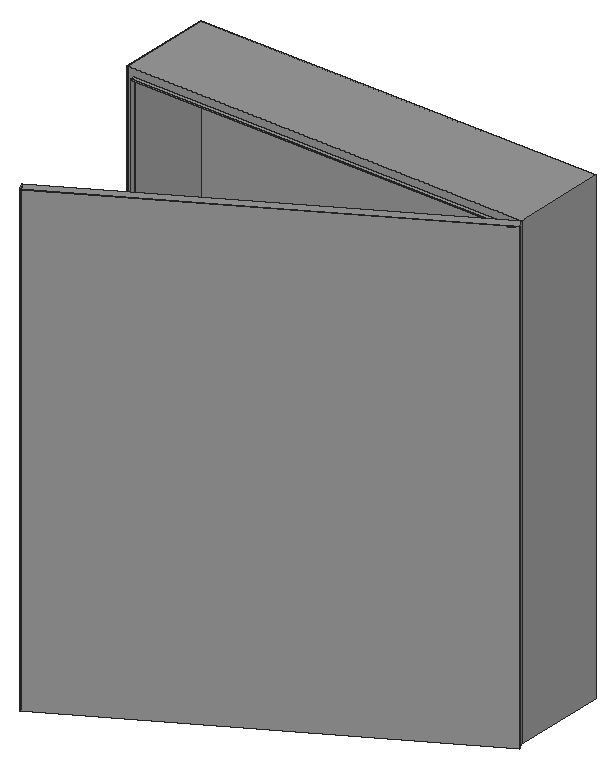
Revit family "Hager-Univers-IP54-D205-H950-Cl.I-Encl-NoHosted-CH-it", category Electrical Equipment, Revit 2020
Family settings
  Panel Configuration = Two Columns, Circuits Across
  Round Connector Dimension = Use Diameter
  Part Type = Panelboard
  Work Plane-Based = Yes
  Always vertical = Yes
  Cut with Voids When Loaded = No
  Shared = No
  Room Calculation Point = No
Parameters (values of type "A parete IP54 L800 A950 P205  - FP63TW2")
  Width Control [instance] = if([EF000008 - Larghezza] > Min Width, [EF000008 - Larghezza], Min Width)  # 800 mm
  Type Comments = [HG000003 - Gamma]  # "Univers"
  Thickness Door [instance] = if([EF009171 - spessore materiale porta/coperchio] > 3 mm, 3 mm, [EF009171 - spessore materiale porta/coperchio])  # 1 mm
  Seal Frame Offset [instance] = 17 mm  # constant formula
  Plinth Visibility [instance] = [HG000027 - Altezza dello zoccolo] > 0 mm  # no
  Min Width [instance] = 100 mm  # constant formula
  Min Depth [instance] = (2 * [EF009170 - spessore materiale scatola]) + 1 mm  # 3 mm
  Min Height [instance] = 100 mm  # constant formula
  Internal Frame Depth [instance] = (Door System Depth * 0.5)  # 9 mm
  Panel Name [instance] = ""  # (empty or 0)
  Model = ""
  HG000027 - Altezza dello zoccolo = 0 mm
  HG000026 - A pavimento = no
  HG000024 - Altezza della sezione inferiore = 600 mm
  HG000023 - Custodia a doppia sezione = no
  HG000016 - Visibilità delle porte nella vista 3D [instance] = yes
  HG000015 - Visibilità attraverso la porta [instance] = no
  HG000014 - Porta destra [instance] = yes
  HG000013 - Porta sinistra [instance] = not([HG000014 - Porta destra])  # no
  HG000012 - Angolo di apertura della porta [instance] = 30.00°
  HG000010 - Porte asimmetriche = no
  HG000009 - Porta doppia a battente = no
  HG000006 - Ad incasso = no
  HG000004 - Codice produttore = "FP63TW2"
  HG000003 - Gamma = "Univers"
  HG000002 - Con porta = yes
  Frame Offset Bottom [instance] = 10 mm  # constant formula
  Frame Offset [instance] = 15 mm  # constant formula
  EF015940 - Coprire con rilascio di sovrapressione = no
  EF011959 - tipo di protezione (NEMA) = ""
  EF009554 - numero delle aperture per la piastra della flangia = 6
  EF009212 - esecuzione coperchio = "EV000116 - chiuso"
  EF009171 - spessore materiale porta/coperchio = 1 mm
  EF009170 - spessore materiale scatola = 1 mm
  EF008873 - corrente nominale (In) = 250 A
  EF007800 - adatto per parafulmine = no
  EF006306 - con serratura = no
  EF006244 - coperchio/porta trasparente = no
  EF005474 - grado di protezione (IP) = "EV006419 - IP54"
  EF004464 - tipo di porta = "EV002646 - singolo"
  EF004427 - numero di moduli = 216
  EF004293 - resistenza agli urti = "EV006815 - IK09"
  EF003532 - adatto per uso esterno = no
  EF002950 - Numero moduli DIN = 36
  EF001613 - Integrità del circuito = "EV000494 - senza"
  EF001596 - Attacco Lampada = "EV000179 - acciaio"
  EF001131 - profondità interna = 130 mm
  EF001088 - possibilità di applicazione = yes
  EF000437 - numero di ingressi per conduttori = 6
  EF000339 - tipo di copertura = "EV001012 - coperchio"
  EF000266 - numero di file = 6
  EF000218 - profondità di incasso = 205 mm
  EF000118 - con piastra di montaggio = no
  EF000116 - numero RAL = "9010"
  EF000049 - profondità = 205 mm
  EF000040 - Altezza = 950 mm
  EF000008 - Larghezza = 800 mm
  EF000007 - colore = "EV000202 - bianco"
  EF000003 - Tipo di montaggio = "EV000384 - A parete"
  Door System Leaf Tolerance [instance] = 1.5 mm  # constant formula
  Door System Depth [instance] = 18 mm  # constant formula
  Door Height [instance] = Height Control - [HG000027 - Altezza dello zoccolo]  # 950 mm
  Description = ""
  Default Elevation = 1219.2 mm
  Connector Offset [instance] = Height Control / 2  # 475 mm
  Manufacturer = "Hager"  # constant formula
  Height Control [instance] = if([EF000040 - Altezza] > Min Height, [EF000040 - Altezza], Min Height)  # 950 mm
  Depth Control [instance] = if([EF000049 - profondità] > Min Depth, [EF000049 - profondità], Min Depth)  # 205 mm
  Bottom Top Plate Trim [instance] = 1.5 mm  # constant formula
  Plinth height Ctrl [instance] = if([HG000027 - Altezza dello zoccolo] > 0 mm, [HG000027 - Altezza dello zoccolo], 12 mm)  # 12 mm
Types (5, lengths in mm): name | Width Control | HG000004 - Codice produttore | EF009554 - numero delle aperture per la piastra della flangia | EF004464 - tipo di porta | EF004427 - numero di moduli | EF002950 - Numero moduli DIN | EF000437 - numero di ingressi per conduttori | EF000008 - Larghezza
  A parete IP54 L1050 A950 P205  - FP64TW2 | 1050 | "FP64TW2" | 8 | "EV003602 - doppio" | 288 | 48 | 8 | 1050
  A parete IP54 L1300 A950 P205  - FP65TW2 | 1300 | "FP65TW2" | 10 | "EV003602 - doppio" | 360 | 60 | 10 | 1300
  A parete IP54 L300 A950 P205  - FP61TW2 | 300 | "FP61TW2" | 2 | "EV002646 - singolo" | 72 | 12 | 2 | 300
  A parete IP54 L550 A950 P205  - FP62TW2 | 550 | "FP62TW2" | 4 | "EV002646 - singolo" | 144 | 24 | 4 | 550
  A parete IP54 L800 A950 P205  - FP63TW2 | 800 | "FP63TW2" | 6 | "EV002646 - singolo" | 216 | 36 | 6 | 800
Reference planes
  plane 1 "Center (Front/Back)": y = 0
  plane 2: z = 0
  plane 3 "Center (Left/Right)": x = 0
  plane 4: y = 0
  plane 5: y = 0
  plane 6: z = 0
  plane 7: x = -400
  plane 8: x = 400
  plane 9: x = 399
  plane 10: x = -399
  plane 11: z = 0
  plane 12: z = 1
  plane 13: y = -205
  plane 14: y = -1
  plane 15: x = 0
  plane 16: y = -187
  plane 17: y = -204
  plane 18: y = -186
  plane 19: x = -384
  plane 20: x = 384
  plane 21: z = 11
  plane 22: x = -383
  plane 23: x = 383
  plane 24: z = 0
  plane 25: z = 950
  plane 26: z = 950
  plane 27: z = 934
  plane 28: z = 949
Forms (mm)
  Extrusion 1, solid, material "Hager_Steel_RAL7035_Light_Grey", detail levels medium+fine
    sketch origin (-208.679, -4572, 0) x (-1, 0, 0) y (0, -1, 0)
      loop
        line (191.321, -4385) -> (-608.679, -4385) -> (-608.679, -4572) -> (191.321, -4572) -> (191.321, -4385)
    from 0 to 950
  Extrusion 2, void
    sketch origin (-350.771, -205, 1219.2) x (1, 0, 0) y (0, 0, 1)
      loop
        line (-48.229, -270.2) -> (-48.229, -1218.2) -> (749.771, -1218.2) -> (749.771, -270.2) -> (-48.229, -270.2)
    from -19 to -204
  Extrusion 3, void
    sketch origin (-290.084, -187, 1219.2) x (1, 0, 0) y (0, 0, 1)
      loop
        line (-93.916, -1208.2) -> (674.084, -1208.2) -> (674.084, -285.2) -> (-93.916, -285.2) -> (-93.916, -1208.2)
    from 0 to -1
  Extrusion 4, solid, material "Hager_Steel_RAL7035_Light_Grey", visible <- "Plinth Visibility", detail levels medium+fine
    sketch origin (0, 0, 0) x (1, 0, 0) y (0, 1, 0)
      loop
        line (-400, 0) -> (-400, -187) -> (400, -187) -> (400, 0) -> (-400, 0)
    from 0 to 12 <- "Plinth height Ctrl"
  Extrusion 5, solid, material "Hager_Steel_RAL7035_Light_Grey", detail levels coarse
    sketch origin (0, 0, 0) x (1, 0, 0) y (0, 1, 0)
      loop
        line (-400, 0) -> (-400, -205) -> (400, -205) -> (400, 0) -> (-400, 0)
    from 0 to 950 <- "Height Control"
  Sweep 6, void
    path in 3D
      loop
        line (-400, -187, 12) -> (400, -187, 12) -> (400, 0, 12) -> (-400, 0, 12) -> (-400, -187, 12)
    profile origin (-400, -93.5, 12) x (1, 0, 0) y (0, 0, 1)
      loop
        line (0, 0) -> (0, -1.5) -> (1.5, -1.5)
        arc (1.5, -1.5) -> (1.061, -0.439) -> (0, 0) r 1.5
  Extrusion 7, solid, material "Hager_Steel_RAL7035_Light_Grey", detail levels fine
    sketch origin (-400, -187, 0) x (1, 0, 0) y (0, 0, 1)
      loop
        line (16, 11) -> (784, 11) -> (784, 934) -> (16, 934) -> (16, 11)
      loop
        line (15, 10) -> (785, 10) -> (785, 935) -> (15, 935) -> (15, 10)
    from 0 to 9 <- "Internal Frame Depth"
Cuts and joins
  Extrusion 2, Extrusion 3 cuts Extrusion 1
  Sweep 6 cuts Extrusion 4
Lines and regions (mm)
  Masking region 1
    outline origin (0, 0, 0) x (1, 0, 0) y (0, 1, 0)
      loop
        line (-400, 0) -> (-400, -205) -> (400, -205) -> (400, 0) -> (-400, 0)
  Masking region 2, detail levels coarse
    outline origin (-290.084, -187, 1219.2) x (-1, 0, 0) y (0, 0, 1)
      loop
        line (-690.084, -1219.2) -> (109.916, -1219.2) -> (109.916, -269.2) -> (-690.084, -269.2) -> (-690.084, -1219.2)
  Masking region 3, detail levels coarse
    outline origin (0, 0, 0) x (0, 1, 0) y (0, 0, 1)
      loop
        line (0, 0) -> (0, 950) -> (-205, 950) -> (-205, 0) -> (0, 0)
  Masking region 4, visible <- "Plinth Visibility", detail levels medium+fine
    outline origin (0, 0, 0) x (0, 1, 0) y (0, 0, 1)
      loop
        line (-1.5, 12) -> (-185.5, 12)
        arc (-185.5, 12) -> (-185.939, 10.939) -> (-187, 10.5) r 1.5
        line (-187, 10.5) -> (-187, 0) -> (0, 0) -> (0, 10.5)
        arc (0, 10.5) -> (-1.061, 10.939) -> (-1.5, 12) r 1.5
  Masking region 5, detail levels medium+fine
    outline origin (0, 0, 594.038) x (0, 1, 0) y (0, 0, 1)
      loop
        line (0, -594.038) -> (0, 355.962) -> (-187, 355.962) -> (-187, -594.038) -> (0, -594.038)
  Masking region 6, detail levels medium+fine
    outline origin (-359.7, -187, 1211.883) x (-1, 0, 0) y (0, 0, 1)
      loop
        line (-759.7, -1211.883) -> (40.3, -1211.883) -> (40.3, -261.883) -> (-759.7, -261.883) -> (-759.7, -1211.883)
  Masking region 7, visible <- "Plinth Visibility", detail levels medium+fine
    outline origin (-320.334, -187, 1041.368) x (-1, 0, 0) y (0, 0, 1)
      loop
        line (-720.334, -1041.368) -> (79.666, -1041.368) -> (79.666, -1030.868)
        arc (79.666, -1030.868) -> (78.606, -1030.429) -> (78.166, -1029.368) r 1.5
        line (78.166, -1029.368) -> (-718.834, -1029.368)
        arc (-718.834, -1029.368) -> (-719.273, -1030.429) -> (-720.334, -1030.868) r 1.5
        line (-720.334, -1030.868) -> (-720.334, -1041.368)
  sketch lines
    curve 1: line (-400, 0, 12) -> (-400, -187, 12)
    curve 2: line (-400, -187, 12) -> (400, -187, 12)
    curve 3: line (400, 0, 12) -> (-400, 0, 12)
    curve 4: line (400, -187, 12) -> (400, 0, 12)
Dimensions and locks
  locked: plane 1 "Center (Front/Back)" to plane 5
  "EF009170 - spessore materiale scatola": plane 7 to plane 10
  "EF009170 - spessore materiale scatola": plane 8 to plane 9
  equal spacing: plane 7, plane 3 "Center (Left/Right)", plane 8
  "Width Control": plane 7 to plane 8
  "Depth Control": plane 4 to plane 13
  "EF009170 - spessore materiale scatola": plane 4 to plane 14
  "Height Control": plane 25 to level
  "HG000027 - Altezza dello zoccolo": plane 11 to level
  "EF009170 - spessore materiale scatola": plane 12 to plane 11
  "EF009170 - spessore materiale scatola": plane 17 to plane 13
  "EF009170 - spessore materiale scatola": plane 18 to plane 16
  "Frame Offset Bottom": plane 21 to plane 12
  "Frame Offset": plane 10 to plane 19
  "Frame Offset": plane 9 to plane 20
  "Door System Depth": plane 16 to plane 13
  "Seal Frame Offset": plane 7 to plane 22
  "Seal Frame Offset": plane 8 to plane 23
  "EF009170 - spessore materiale scatola": plane 26 to plane 28
  "Frame Offset": plane 28 to plane 27
  "Connector Offset": plane 2 to connector elem
  "Bottom Top Plate Trim": profile plane to Sweep 6 sketch curve
  "Bottom Top Plate Trim": Sweep 6 sketch curve to Sweep 6 sketch curve
  "Plinth height Ctrl": Masking region 4 sketch curve to level
  "Plinth height Ctrl": Masking region 7 sketch curve to level
  "Thickness Door": Extrusion 7 sketch curve to Extrusion 7 sketch curve  (x4)
  "Bottom Top Plate Trim": radius of Sweep 6 sketch curve
  "Bottom Top Plate Trim": radius of Masking region 4 sketch curve  (x2)
  "Bottom Top Plate Trim": radius of Masking region 7 sketch curve  (x2)
  aligned and locked: Extrusion 2 sketch curve to plane 12
  aligned and locked: Extrusion 2 sketch curve to plane 9
  aligned and locked: Extrusion 2 sketch curve to plane 10
  aligned and locked: Extrusion 2 to plane 14
  aligned and locked: Extrusion 1 sketch curve to plane 4
  aligned and locked: plane 8 to Extrusion 1 sketch curve
  aligned and locked: plane 7 to Extrusion 1 sketch curve
  aligned and locked: Extrusion 2 to plane 18
  aligned and locked: Extrusion 3 sketch curve to plane 19
  aligned and locked: plane 20 to Extrusion 3 sketch curve
  aligned and locked: Extrusion 3 to Extrusion 2
  aligned and locked: Extrusion 3 sketch curve to plane 21
  aligned and locked: plane 3 "Center (Left/Right)" to nested 1
  aligned and locked: Extrusion 1 sketch curve to plane 16
  aligned and locked: Extrusion 4 sketch curve to cut or joined group of Extrusion 1, Extrusion 2, Extrusion 3
  aligned and locked: Masking region 1 sketch curve to plane 7
  aligned and locked: Masking region 1 sketch curve to plane 5
  aligned and locked: Masking region 1 sketch curve to plane 8
  aligned and locked: Masking region 2 sketch curve to level
  aligned and locked: level to Masking region 3 sketch curve
  aligned and locked: plane 1 "Center (Front/Back)" to Masking region 3 sketch curve
  aligned and locked: plane 13 to Masking region 3 sketch curve
  aligned and locked: plane 5 to Masking region 4 sketch curve
  aligned and locked: Masking region 2 sketch curve to plane 8
  aligned and locked: Masking region 2 sketch curve to plane 7
  aligned and locked: plane 7 to nested 2
  aligned and locked: nested 2 to plane 5
  aligned and locked: plane 5 to Masking region 5 sketch curve
  aligned and locked: plane 26 to Masking region 5 sketch curve
  aligned and locked: Extrusion 5 sketch curve to plane 8
  aligned and locked: Extrusion 5 sketch curve to plane 7
  aligned and locked: Extrusion 5 sketch curve to plane 5
  aligned and locked: Extrusion 3 sketch curve to plane 27
  aligned and locked: Extrusion 2 sketch curve to plane 28
  aligned and locked: Masking region 2 to plane 25
  aligned and locked: Extrusion 4 to plane 16
  aligned and locked: profile plane to Sweep 6 sketch curve
  aligned and locked: Masking region 5 sketch curve to plane 24
  aligned and locked: level to Masking region 4 sketch curve
  aligned and locked: Masking region 1 to plane 13
  aligned and locked: nested 1 to plane 16
  aligned and locked: Masking region 3 to plane 25
  aligned and locked: plane 16 to Masking region 4 sketch curve
  aligned and locked: Masking region 5 sketch curve to plane 16
  aligned and locked: plane 24 to plane 11
  aligned and locked: plane 26 to plane 25
  aligned and locked: plane 26 to cut or joined group of Extrusion 1, Extrusion 2, Extrusion 3
  aligned and locked: nested 1 to plane 24
  aligned and locked: Extrusion 1 to Extrusion 3
  aligned and locked: Masking region 6 sketch curve to plane 8
  aligned and locked: Masking region 6 sketch curve to plane 24
  aligned and locked: Masking region 6 sketch curve to plane 7
  aligned and locked: Masking region 6 sketch curve to plane 26
  aligned and locked: Masking region 7 sketch curve to plane 7
  aligned and locked: level to Masking region 7 sketch curve
  aligned and locked: Masking region 7 sketch curve to plane 8
  aligned and locked: Extrusion 7 sketch curve to cut or joined group of Extrusion 1, Extrusion 2, Extrusion 3  (x4)
Automatic sketch dimensions
  plane 19 to Extrusion 3 sketch curve = 0 mm
  Extrusion 3 sketch curve to plane 20 = 0 mm
  Extrusion 3 sketch curve to plane 21 = 0 mm
  Extrusion 4 sketch curve to plane 7 = 0 mm
  Extrusion 4 sketch curve to plane 8 = 0 mm
  Extrusion 4 sketch curve to plane 16 = 0 mm
  Masking region 1 sketch curve to plane 13 = 0 mm
  Masking region 2 sketch curve to plane 25 = 0 mm
  Masking region 3 sketch curve to plane 25 = 0 mm
  Extrusion 5 sketch curve to plane 13 = 0 mm
  profile plane to Sweep 6 sketch curve = 0 mm
Nested families
  nested 1: "EC000058_Univers_Door" at (0, -187, 0), Double <- "HG000009 - Porta doppia a battente", Transparent <- "EF006244 - coperchio/porta trasparente", Angle <- "HG000012 - Angolo di apertura della porta", Door_Right <- "HG000014 - Porta destra", Assymetrical <- "HG000010 - Porte asimmetriche", Door <- "HG000002 - Con porta", Width_Ctrl <- "Width Control", 3d_Door <- "HG000016 - Visibilità delle porte nella vista 3D", Clearance <- "HG000015 - Visibilità attraverso la porta", Door_Left <- "HG000013 - Porta sinistra", Width <- "Width Control", Door_Depth <- "Door System Depth", Leaf_Tolerance <- "Door System Leaf Tolerance", Height <- "Door Height", Lock_Visibility <- "EF006306 - con serratura", Thickness <- "Thickness Door", type "EC000058_Univers_Door", detail levels medium+fine
    with min_wh 3 mm, Width_Ctrl 800 mm, Width 800 mm, Transparent no, Thickness 1 mm, Seal_Material Hager_Rubber, Lock_Visibility no, Lock_Material Hager_Plastic_RAL9005_Jet_Black, Leaf_Width 800 mm, Leaf_Tolerance_External_Sides 0 mm, Leaf_Tolerance 1.5 mm, Leaf_Offset 0 mm, Leaf_Height 947 mm, Leaf_2_Width 800 mm, Leaf_2_Offset 400 mm, Leaf_1_Width 800 mm, Leaf_1_Offset 400 mm, Height_Ctrl 950 mm, Height 950 mm, Glass_Material Hager_Glass, Double_Clearance_Ctrl no, Double no, Door_Right_Ctrl yes, Door_Right yes, Door_Material Hager_Steel_RAL7035_Light_Grey, Door_Left_Ctrl no, Door_Left no, Door_Depth 18 mm, Door yes, Clearance_Material Hager_Clearance, Clearance_Depth 800 mm, Clearance_Ctrl no, Clearance no, Assymetrical no, Angle 30.00°, 3d_Door yes
  nested 2: "Hager_Enclosure_Symbol" at (-400, 0, 0), Height <- "Depth Control", Width <- "Width Control", type "Hager_Enclosure_Symbol"
    with Width_Ctrl 800 mm, Width 800 mm, Height_Ctrl 205 mm, Height 205 mm, A_Width_Int 13.453 mm, A_Width 161.438 mm, A_Height_Ctrl 179.375 mm, A_Height 179.375 mm
Connectors
  electrical at (0, 0, 475)
    settings: on plane 1 "Center (Front/Back)", index 1, voltage 0 V, apparent load 0 VA, apparent load phase1 0 VA, apparent load phase2 0 VA, apparent load phase3 0 VA, power factor 1, load classification "Other", number of poles 1, system type 30, power factor state 1, is connector primary yes, connector utility no, sub classification motor no, connector description ""
Definition of nested family "EC000058_Univers_Door"
  Parameters (values of type "EC000058_Univers_Door")
    min_wh [instance] = (2 * Thickness) + 1 mm  # 11 mm
    Width_Ctrl [instance] = 400 mm
    Width [instance] = 500 mm
    Transparent [instance] = yes
    Thickness [instance] = 5 mm
    Seal_Material [instance] = none
    Lock_Visibility [instance] = yes
    Lock_Material [instance] = none
    Leaf_Width [instance] = if((Width_Ctrl - 2 * Leaf_Tolerance_External_Sides) > 0 mm, (Width_Ctrl - 2 * Leaf_Tolerance_External_Sides), min_wh)  # 400 mm
    Leaf_Tolerance_External_Sides [instance] = 0 mm  # constant formula
    Leaf_Tolerance [instance] = 1.5 mm
    Leaf_Offset [instance] = 0 mm  # constant formula
    Leaf_Height [instance] = if((Height_Ctrl - 2 * Leaf_Tolerance) > 0 mm, (Height_Ctrl - 2 * Leaf_Tolerance), min_wh)  # 497 mm
    Leaf_2_Width [instance] = if(and(and(Double, Assymetrical), Door_Left), (Leaf_Width / 3) - (Leaf_Tolerance / 2), if(and(and(Double, Assymetrical), Door_Right), (Leaf_Width / 3) * 2 - (Leaf_Tolerance / 2), if(and(Double, not(Assymetrical)), (Leaf_Width / 2) - Leaf_Tolerance, Leaf_Width)))  # 400 mm
    Leaf_2_Offset [instance] = if(and(Double, Assymetrical), Leaf_2_Width / 2, if(and(Double, not(Assymetrical)), Leaf_Width / 4, Leaf_Width / 2))  # 200 mm
    Leaf_1_Width [instance] = if(and(and(Double, Assymetrical), Door_Right), (Leaf_Width / 3) - (Leaf_Tolerance / 2), if(and(and(Double, Assymetrical), Door_Left), (Width / 3) * 2 - (Leaf_Tolerance / 2), if(and(Double, not(Assymetrical)), (Leaf_Width / 2) - Leaf_Tolerance, Leaf_Width)))  # 400 mm
    Leaf_1_Offset [instance] = if(and(Double, Assymetrical), Leaf_1_Width / 2, if(and(Double, not(Assymetrical)), Leaf_Width / 4, Leaf_Width / 2))  # 200 mm
    Height_Ctrl [instance] = if(Height > min_wh, Height, min_wh)  # 500 mm
    Height [instance] = 500 mm
    Glass_Material [instance] = none
    Double_Clearance_Ctrl [instance] = and(Double, Clearance)  # no
    Double [instance] = no
    Door_Right_Ctrl [instance] = and(or(Door_Right, Double), Door)  # yes
    Door_Right [instance] = yes
    Door_Material [instance] = none
    Door_Left_Ctrl [instance] = and(or(Door_Left, Double), Door)  # no
    Door_Left [instance] = no
    Door_Depth [instance] = 30 mm
    Door [instance] = yes
    Default Elevation = 1219.2 mm
    Clearance_Material [instance] = none
    Clearance_Depth [instance] = if(Leaf_1_Width > Leaf_2_Width, Leaf_1_Width, Leaf_2_Width)  # 400 mm
    Clearance_Ctrl [instance] = and(not(Double), Clearance)  # yes
    Clearance [instance] = yes
    Assymetrical [instance] = yes
    Angle [instance] = 30.00°
    3d_Door [instance] = yes
  Reference planes
    plane 1 "Center (Front/Back)": y = 0
    plane 2 "Bottom": z = 0
    plane 3 "Center (Left/Right)": x = 0
    plane 4: z = 500
    plane 5: x = -200
    plane 6: x = 200
    plane 7: z = 500
    plane 8: x = -200
    plane 9: z = 0
    plane 10: x = 200
    plane 11: y = 0
    plane 12: z = 1.5
    plane 13: x = -600
    plane 14: y = -400
    plane 15: x = 600
    plane 16: x = 0
    plane 17: x = 0
    plane 18: x = -200
    plane 19: x = 200
    plane 20: z = 498.5
  Forms (mm)
    Extrusion 1, solid, material <- "Clearance_Material", visible <- "Double_Clearance_Ctrl"
      sketch origin (1200, 0, 0) x (1, 0, 0) y (0, 0, -1)
        loop
          line (-1800, -498.5) -> (-600, -498.5) -> (-600, 0) -> (-1800, 0) -> (-1800, -498.5)
      from 0 to -400
  Dimensions and locks
    equal spacing: plane 5, plane 3 "Center (Left/Right)", plane 6
    "Width_Ctrl": plane 5 to plane 6
    "Leaf_Offset": plane 5 to plane 8
    "Leaf_Offset": plane 6 to plane 10
    "Leaf_Offset": plane 9 to level
    "Leaf_Offset": plane 4 to plane 7
    "Height_Ctrl": plane 4 to level
    "Leaf_Tolerance": plane 12 to plane 9
    locked: plane 11 to plane 1 "Center (Front/Back)"
    "Leaf_1_Offset": plane 18 to plane 16
    "Leaf_2_Offset": plane 17 to plane 19
    "Leaf_1_Width": plane 13 to plane 8
    "Leaf_2_Width": plane 10 to plane 15
    "Clearance_Depth": plane 14 to plane 1 "Center (Front/Back)"
    "Leaf_Tolerance_External_Sides": plane 8 to plane 18
    "Leaf_Tolerance_External_Sides": plane 19 to plane 10
    "Leaf_Tolerance": plane 7 to plane 20
    aligned and locked: level to plane 2 "Bottom"
    aligned and locked: nested 1 to plane 16
    aligned and locked: nested 2 to plane 17
    aligned and locked: Extrusion 1 to plane 13
    aligned and locked: plane 15 to Extrusion 1
    aligned and locked: Extrusion 1 to plane 14
    aligned and locked: plane 12 to nested 1
    aligned and locked: nested 2 to plane 12
    aligned and locked: Extrusion 1 to plane 11
    aligned and locked: plane 20 to Extrusion 1
    aligned and locked: nested 2 to plane 11
    aligned and locked: nested 1 to plane 11
  Automatic sketch dimensions
    Extrusion 1 sketch curve to level = 0 mm
    plane 5 to Extrusion 1 sketch curve = 400 mm
    plane 6 to Extrusion 1 sketch curve = 400 mm
    Extrusion 1 sketch curve to plane 4 = 1.5 mm
  Nested families
    nested 1: "EC000058_Univers_Door_Leaf" at (0, 0, 1.5), Width <- "Leaf_1_Width", visible <- "Door_Left_Ctrl", Leaf_Height <- "Leaf_Height", Angle <- "Angle", 3d_Door <- "3d_Door", Transparent <- "Transparent", Clearance Material <- "Clearance_Material", Clearance <- "Clearance_Ctrl", Door_Material <- "Door_Material", Glass_Material <- "Glass_Material", Door_Depth <- "Door_Depth", Lock_Material <- "Lock_Material", Seal_Material <- "Seal_Material", Lock_Visibility <- "Lock_Visibility", Thickness <- "Thickness", type "EC000058_Univers_Door_Leaf"
      with Width 400 mm, Transparent_Glass_Offset 30 mm, Transparent_Ctrl yes, Transparent yes, Thickness 5 mm, Standard no, Seal_Material none, Seal_D2 8 mm, Seal_D1 1 mm, Offset_Internal_Frame 10 mm, Lock_Width 20 mm, Lock_Visibility_3d yes, Lock_Visibility yes, Lock_Thickness_3 3 mm, Lock_Thickness_2 1 mm, Lock_Thickness_1 3 mm, Lock_Radius_Offset_2 16 mm, Lock_Radius_Offset_1 15 mm, Lock_Radius_2 5 mm, Lock_Radius 6 mm, Lock_Offset 5 mm, Lock_Material none, Lock_Height 80 mm, Lock_Cover_Top_Offset_2d 17 mm, Lock_Cover_Height -65 mm, Leaf_Height 497 mm, Internal_Seal_Thickness 8 mm, Internal_Seal_Depth_2 4.5 mm, Internal_Frame_Depth 25 mm, Glass_Thickness -1 mm, Glass_Offset -2 mm, Glass_Material none, Door_Material none, Door_Depth 30 mm, Clearance Material none, Clearance yes, Angle_Ctrl 30.00°, Angle 30.00°, 3d_Door yes
    nested 2: "EC000058_Univers_Door_Leaf" at (0, 0, 1.5) x (-1, 0, 0) z (0, 0, 1), Width <- "Leaf_2_Width", visible <- "Door_Right_Ctrl", Leaf_Height <- "Leaf_Height", Angle <- "Angle", 3d_Door <- "3d_Door", Transparent <- "Transparent", Clearance Material <- "Clearance_Material", Clearance <- "Clearance_Ctrl", Door_Material <- "Door_Material", Glass_Material <- "Glass_Material", Door_Depth <- "Door_Depth", Lock_Material <- "Lock_Material", Seal_Material <- "Seal_Material", Lock_Visibility <- "Lock_Visibility", Thickness <- "Thickness", type "EC000058_Univers_Door_Leaf"
      with Width 400 mm, Transparent_Glass_Offset 30 mm, Transparent_Ctrl yes, Transparent yes, Thickness 5 mm, Standard no, Seal_Material none, Seal_D2 8 mm, Seal_D1 1 mm, Offset_Internal_Frame 10 mm, Lock_Width 20 mm, Lock_Visibility_3d yes, Lock_Visibility yes, Lock_Thickness_3 3 mm, Lock_Thickness_2 1 mm, Lock_Thickness_1 3 mm, Lock_Radius_Offset_2 16 mm, Lock_Radius_Offset_1 15 mm, Lock_Radius_2 5 mm, Lock_Radius 6 mm, Lock_Offset 5 mm, Lock_Material none, Lock_Height 80 mm, Lock_Cover_Top_Offset_2d 17 mm, Lock_Cover_Height -65 mm, Leaf_Height 497 mm, Internal_Seal_Thickness 8 mm, Internal_Seal_Depth_2 4.5 mm, Internal_Frame_Depth 25 mm, Glass_Thickness -1 mm, Glass_Offset -2 mm, Glass_Material none, Door_Material none, Door_Depth 30 mm, Clearance Material none, Clearance yes, Angle_Ctrl 30.00°, Angle 30.00°, 3d_Door yes
  Definition of nested family "EC000058_Univers_Door_Leaf"
    Parameters (values of type "EC000058_Univers_Door_Leaf")
      Width [instance] = 2000 mm
      Transparent_Glass_Offset [instance] = 30 mm
      Transparent_Ctrl [instance] = and(Transparent, [3d_Door])  # yes
      Transparent [instance] = yes
      Thickness [instance] = 5 mm
      Standard [instance] = and(not(Transparent), [3d_Door])  # no
      Seal_Material [instance] = none
      Seal_D2 [instance] = 8 mm  # constant formula
      Seal_D1 [instance] = 1 mm  # constant formula
      Offset_Internal_Frame [instance] = 10 mm  # constant formula
      Lock_Width [instance] = 20 mm  # constant formula
      Lock_Visibility_3d [instance] = and(Lock_Visibility, [3d_Door])  # yes
      Lock_Visibility [instance] = yes
      Lock_Thickness_3 [instance] = 3 mm  # constant formula
      Lock_Thickness_2 [instance] = 1 mm  # constant formula
      Lock_Thickness_1 [instance] = 3 mm  # constant formula
      Lock_Radius_Offset_2 [instance] = Lock_Radius_Offset_1 + 1 mm  # 16 mm
      Lock_Radius_Offset_1 [instance] = 15 mm  # constant formula
      Lock_Radius_2 [instance] = Lock_Radius - 1 mm  # 5 mm
      Lock_Radius [instance] = 6 mm  # constant formula
      Lock_Offset [instance] = 5 mm  # constant formula
      Lock_Material [instance] = none
      Lock_Height [instance] = 80 mm  # constant formula
      Lock_Cover_Top_Offset_2d [instance] = Lock_Radius_Offset_2 + 1 mm  # 17 mm
      Lock_Cover_Height [instance] = -(Lock_Height - Lock_Radius_Offset_1)  # -65 mm
      Leaf_Height [instance] = 2720.336 mm
      Internal_Seal_Thickness [instance] = 8 mm  # constant formula
      Internal_Seal_Depth_2 [instance] = 4.5 mm  # constant formula
      Internal_Frame_Depth [instance] = if(Door_Depth - Thickness > 5 mm, Door_Depth - Thickness, 5 mm)  # 25 mm
      Glass_Thickness [instance] = if(Thickness > 15 mm, Glass_Offset + 10 mm, -1 mm)  # -1 mm
      Glass_Offset [instance] = if(Thickness > 15 mm, -(Thickness + 10 mm) / 2, -2 mm)  # -2 mm
      Glass_Material [instance] = none
      Door_Material [instance] = none
      Door_Depth [instance] = 30 mm
      Default Elevation = 0 mm
      Clearance Material [instance] = none
      Clearance [instance] = yes
      Angle_Ctrl [instance] = if(Angle > 180.00°, 180.00°, Angle)  # 90.00°
      Angle [instance] = 90.00°
      3d_Door [instance] = yes
    Reference planes
      plane 1 "Center (Front/Back)": y = 0
      plane 2: z = 0
      plane 3 "Center (Left/Right)": x = 0
      plane 4: y = 2000
      plane 5: x = -1000
      plane 6: x = 1000
      plane 7: x = -3000
      plane 8: z = 2720.336
      plane 9: z = 30
      plane 10: z = 2690.336
      plane 11: x = 970
      plane 12: x = -970
      plane 13: y = -3
      plane 14: z = 107.833
      plane 15: y = -5
      plane 16: y = -223.314
      plane 17: x = -1000
      plane 18: z = 1360.168
      plane 19: y = 30
    Forms (mm)
      Extrusion 1, solid, material <- "Clearance Material", visible <- "Clearance"
        sketch origin (0, 0, 0) x (1, 0, 0) y (0, 0, 1)
          loop
            line (-3000, 2720.336) -> (-3000, 0) -> (1000, 0) -> (1000, 2720.336) -> (-3000, 2720.336)
        from 0 to -2000
      Extrusion 2, solid, material <- "Door_Material", visible <- "Standard", detail levels medium+fine
        sketch origin (-1000, 0, 0) x (0, 1, 0) y (-1, 0, 0)
          loop
            line (0, 30) -> (0, 25) -> (2000, 25) -> (2000, 30) -> (0, 30)
        from 0 to 2720.336 <- "Leaf_Height"
      Extrusion 3, solid, material <- "Door_Material", visible <- "Transparent_Ctrl", detail levels medium+fine
        sketch origin (-1000, 0, 0) x (0, 1, 0) y (-1, 0, 0)
          loop
            line (0, 25) -> (2000, 25) -> (2000, 30) -> (0, 30) -> (0, 25)
        from 0 to 2720.336 <- "Leaf_Height"
      Extrusion 4, void
        sketch origin (-1025, 2000, 0) x (0, 1, 0) y (0, 0, -1)
          loop
            line (-30, -2690.336) -> (-30, -30) -> (-1970, -30) -> (-1970, -2690.336) -> (-30, -2690.336)
        from 0 to 5 <- "Thickness"
      Sweep 5, solid, material <- "Seal_Material", visible <- "Transparent_Ctrl", detail levels fine
        path in 3D
          loop
            line (-1025, 30, 30) -> (-1025, 30, 2690.336) -> (-1025, 1970, 2690.336) -> (-1025, 1970, 30) -> (-1025, 30, 30)
        profile origin (-1025, 1000, 30) x (1, 0, 0) y (0, 0, 1)
          loop
            line (0, 0) -> (0, -8) -> (1, -8) -> (1, 0) -> (0, 0)
      Extrusion 6, solid, material <- "Glass_Material", visible <- "Transparent_Ctrl", detail levels medium+fine
        sketch origin (-1030, 0, 0) x (0, 1, 0) y (0, 0, -1)
          loop
            line (1970, -2690.336) -> (1970, -30) -> (30, -30) -> (30, -2690.336) -> (1970, -2690.336)
        from -2 <- "Glass_Offset" to -1 <- "Glass_Thickness"
      Extrusion 7, solid, material <- "Door_Material", visible <- "3d_Door", detail levels medium+fine
        sketch origin (-1025, 2000, 0) x (0, -1, 0) y (0, 0, -1)
          loop
            line (0, -2720.336) -> (2000, -2720.336) -> (2000, 0) -> (0, 0) -> (0, -2720.336)
          loop
            line (1995, -5) -> (5, -5) -> (5, -2715.336) -> (1995, -2715.336) -> (1995, -5)
        from 0 to 25 <- "Internal_Frame_Depth"
      Sweep 8, solid, material <- "Seal_Material", visible <- "Transparent_Ctrl", detail levels fine
        path in 3D
          loop
            line (-1025, 0, 0) -> (-1025, 2000, 0) -> (-1025, 2000, 2720.336) -> (-1025, 0, 2720.336) -> (-1025, 0, 0)
        profile origin (-1025, 0, 1360.168) x (1, 0, 0) y (0, 1, 0)
          loop
            line (0, 10) -> (2.975, 10)
            arc (2.975, 10) -> (4.053, 10.447) -> (4.5, 11.525) r 1.525
            line (4.5, 11.525) -> (4.5, 16.527)
            arc (4.5, 16.527) -> (4.069, 17.569) -> (3.027, 18) r 1.473
            line (3.027, 18) -> (0, 18) -> (0, 10)
      Extrusion 9, solid, material <- "Lock_Material", visible <- "Lock_Visibility_3d", detail levels fine
        sketch origin (-1030, 0, 0) x (0, 1, 0) y (0, 0, -1)
          loop
            arc (1993.5, -1400.168) -> (1994.561, -1399.729) -> (1995, -1398.668) r 1.5
            line (1995, -1398.668) -> (1995, -1320.168) -> (1975, -1320.168) -> (1975, -1398.668)
            arc (1975, -1398.668) -> (1975.439, -1399.729) -> (1976.5, -1400.168) r 1.5
            line (1976.5, -1400.168) -> (1993.5, -1400.168)
        from 3 <- "Lock_Thickness_1" to 0
      Blend 10, solid, material <- "Lock_Material", visible <- "Lock_Visibility_3d", detail levels fine
        base sketch origin (-1033, 0, 0) x (0, 1, 0) y (0, 0, -1)
          loop
            line (1975, -1320.168) -> (1975, -1398.668)
            arc (1975, -1398.668) -> (1975.439, -1399.729) -> (1976.5, -1400.168) r 1.5
            line (1976.5, -1400.168) -> (1993.5, -1400.168)
            arc (1993.5, -1400.168) -> (1994.561, -1399.729) -> (1995, -1398.668) r 1.5
            line (1995, -1398.668) -> (1995, -1320.168) -> (1975, -1320.168)
        top sketch origin (-1033, 0, 0) x (0, 1, 0) y (0, 0, -1)
          loop
            line (1976, -1320.168) -> (1976, -1398.668)
            arc (1976, -1398.668) -> (1976.146, -1399.022) -> (1976.5, -1399.168) r 0.5
            line (1976.5, -1399.168) -> (1993.5, -1399.168)
            arc (1993.5, -1399.168) -> (1993.854, -1399.022) -> (1994, -1398.668) r 0.5
            line (1994, -1398.668) -> (1994, -1320.168) -> (1976, -1320.168)
        from 0 to 1 <- "Lock_Thickness_2"
      Blend 11, solid, material <- "Lock_Material", visible <- "Lock_Visibility_3d", detail levels fine
        base sketch origin (-1034, 0, 0) x (0, 1, 0) y (0, 0, -1)
          loop
            line (1978, -1320.168) -> (1978, -1384.168)
            arc (1978, -1384.168) -> (1985, -1391.168) -> (1992, -1384.168) r 7
            line (1992, -1384.168) -> (1992, -1320.168) -> (1978, -1320.168)
        top sketch origin (-1034, 0, 0) x (0, 1, 0) y (0, 0, -1)
          loop
            line (1991, -1320.168) -> (1979, -1320.168) -> (1979, -1383.168)
            arc (1979, -1383.168) -> (1985, -1389.168) -> (1991, -1383.168) r 6
            line (1991, -1383.168) -> (1991, -1320.168)
        from 0 to 3 <- "Lock_Thickness_3"
      Extrusion 12, solid, material <- "Lock_Material", visible <- "Lock_Visibility_3d", detail levels fine
        sketch origin (-1030, 1975, 1320.168) x (1, 0, 0) y (0, -1, 0)
          loop
            line (-7, -19) -> (-7, -1) -> (0, -1) -> (0, 0) -> (-8, 0) -> (-8, -20) -> (0, -20) -> (0, -19) -> (-7, -19)
        from 0 to -65 <- "Lock_Cover_Height"
      Extrusion 13, void
        sketch origin (-1038, 1995, 1320.168) x (-1, 0, 0) y (0, 0, -1)
          loop
            line (-5, -65) -> (0, -65) -> (-5, -60) -> (-5, -65)
        from 0 to 20 <- "Lock_Width"
      Extrusion 14, void
        sketch origin (-1038, 1975, 1320.168) x (0, -1, 0) y (0, 0, -1)
          loop
            circle (-10, -15.995) r 6
          loop
            circle (-10, -15.995) r 5
        from 0 to 2
      Extrusion 15, solid, material <- "Lock_Material", visible <- "Lock_Visibility_3d", detail levels medium
        sketch origin (-1030, 0, 0) x (0, 1, 0) y (0, 0, -1)
          loop
            arc (1993.5, -1400.168) -> (1994.561, -1399.729) -> (1995, -1398.668) r 1.5
            line (1995, -1398.668) -> (1995, -1320.168) -> (1975, -1320.168) -> (1975, -1398.668)
            arc (1975, -1398.668) -> (1975.439, -1399.729) -> (1976.5, -1400.168) r 1.5
            line (1976.5, -1400.168) -> (1993.5, -1400.168)
        from 8 to 0
    Cuts and joins
      Extrusion 4 cuts Extrusion 3
      Extrusion 13, Extrusion 14 cuts Extrusion 9
      Extrusion 14 cuts Blend 11
      Extrusion 13, Extrusion 14 cuts Extrusion 12
      joined: Extrusion 9, Blend 10, Blend 11, Extrusion 12
      Extrusion 14 cuts Extrusion 15
    Lines and regions (mm)
      Masking region 1, visible <- "Lock_Visibility", detail levels fine
        outline origin (0, 0, 0) x (0, 1, 0) y (0, 0, 1)
          loop
            line (30, 1320.168) -> (33, 1320.168) -> (33, 1400.168) -> (30, 1400.168) -> (30, 1320.168)
      Masking region 2, visible <- "Lock_Visibility", detail levels fine
        outline origin (0, 3.143, 0) x (0, 1, 0) y (0, 0, 1)
          loop
            line (29.857, 1354.168) -> (30.857, 1354.168) -> (30.857, 1366.168) -> (29.857, 1366.168) -> (29.857, 1354.168)
      Masking region 3, detail levels medium+fine
        outline origin (0, 0, 0) x (0, 1, 0) y (0, 0, 1)
          loop
            line (0, 0) -> (30, 0) -> (30, 2720.336) -> (0, 2720.336) -> (0, 0)
      Masking region 4, detail levels medium+fine
        outline origin (0, 0, 0) x (1, 0, 0) y (0, 0, 1)
          loop
            line (-1000, 2720.336) -> (-1000, 0) -> (1000, 0) -> (1000, 2720.336) -> (-1000, 2720.336)
      Masking region 5, visible <- "Lock_Visibility", detail levels fine
        outline origin (-47.116, 0, 0) x (1, 0, 0) y (0, 0, 1)
          loop
            arc (1024.616, 1399.168) -> (1023.556, 1398.729) -> (1023.116, 1397.668) r 1.5
            line (1023.116, 1397.668) -> (1023.116, 1320.168) -> (1041.116, 1320.168) -> (1041.116, 1397.668)
            arc (1041.116, 1397.668) -> (1040.677, 1398.729) -> (1039.616, 1399.168) r 1.5
            line (1039.616, 1399.168) -> (1024.616, 1399.168)
      Masking region 6, visible <- "Lock_Visibility", detail levels medium+fine
        outline origin (-25, 0, 0) x (1, 0, 0) y (0, 0, 1)
          loop
            arc (1001.5, 1400.168) -> (1000.439, 1399.729) -> (1000, 1398.668) r 1.5
            line (1000, 1398.668) -> (1000, 1320.168) -> (1020, 1320.168) -> (1020, 1398.668)
            arc (1020, 1398.668) -> (1019.561, 1399.729) -> (1018.5, 1400.168) r 1.5
            line (1018.5, 1400.168) -> (1001.5, 1400.168)
      Masking region 7, visible <- "Lock_Visibility", detail levels fine
        outline origin (-73.735, 0, 0) x (1, 0, 0) y (0, 0, 1)
          loop
            line (1051.735, 1382.168) -> (1065.735, 1382.168) -> (1065.735, 1384.168)
            arc (1065.735, 1384.168) -> (1058.735, 1391.168) -> (1051.735, 1384.168) r 7
            line (1051.735, 1384.168) -> (1051.735, 1382.168)
      Masking region 8, visible <- "Lock_Visibility", detail levels fine
        outline origin (-73.735, 0, 0) x (1, 0, 0) y (0, 0, 1)
          loop
            line (1052.735, 1382.168) -> (1064.735, 1382.168) -> (1064.735, 1383.168)
            arc (1064.735, 1383.168) -> (1058.735, 1389.168) -> (1052.735, 1383.168) r 6
            line (1052.735, 1383.168) -> (1052.735, 1382.168)
      Masking region 9, visible <- "Lock_Visibility", detail levels fine
        outline origin (-25, 0, 0) x (1, 0, 0) y (0, 0, 1)
          loop
            line (1020, 1320.168) -> (1020, 1382.168) -> (1000, 1382.168) -> (1000, 1320.168) -> (1020, 1320.168)
      Masking region 10, detail levels medium+fine
        outline origin (0, 0, 0) x (1, 0, 0) y (0, 0, 1)
          loop
            circle (985, 1335.144) r 6
      Masking region 11, detail levels fine
        outline origin (0, 0, 0) x (1, 0, 0) y (0, 0, 1)
          loop
            circle (985, 1335.144) r 5
      Masking region 12, visible <- "Lock_Visibility", detail levels fine
        outline origin (0, 12.767, 0) x (0, 1, 0) y (0, 0, 1)
          loop
            line (20.233, 1320.168) -> (21.233, 1320.168) -> (21.233, 1399.168) -> (20.233, 1400.168) -> (20.233, 1320.168)
      Masking region 13, visible <- "Lock_Visibility", detail levels fine
        outline origin (0, 13.767, -10) x (0, 1, 0) y (0, 0, 1)
          loop
            line (20.233, 1330.168) -> (23.233, 1330.168) -> (23.233, 1399.168) -> (20.233, 1402.168) -> (20.233, 1330.168)
      Masking region 14, visible <- "Lock_Visibility", detail levels fine
        outline origin (0, 12.767, -10) x (0, 1, 0) y (0, 0, 1)
          loop
            line (20.233, 1330.168) -> (25.233, 1330.168) -> (25.233, 1399.305) -> (20.233, 1394.305) -> (20.233, 1330.168)
      Masking region 15, visible <- "Lock_Visibility", detail levels medium
        outline origin (0, 0, 0) x (0, 1, 0) y (0, 0, 1)
          loop
            line (30, 1320.168) -> (38, 1320.168) -> (38, 1400.168) -> (30, 1400.168) -> (30, 1320.168)
      Masking region 16, visible <- "Lock_Visibility", detail levels fine
        outline origin (-1000, 0, 0) x (0, 1, 0) y (-1, 0, 0)
          loop
            line (1975, 30) -> (1995, 30) -> (1995, 38) -> (1975, 38) -> (1975, 30)
          loop
            line (1979, 37) -> (1976, 37) -> (1976, 34) -> (1978, 34) -> (1979, 37)
          loop
            line (1994, 37) -> (1991, 37) -> (1992, 34) -> (1994, 34) -> (1994, 37)
      Masking region 17, visible <- "Lock_Visibility", detail levels medium
        outline origin (-1000, 0, 0) x (0, 1, 0) y (-1, 0, 0)
          loop
            line (1975, 30) -> (1995, 30) -> (1995, 38) -> (1975, 38) -> (1975, 30)
      symbolic lines
        curve 1: line (1000, 0, 0) -> (-3000, 0, 0)
        curve 2: arc (1000, 0, 0) -> (-1000, 2000, 0) -> (-3000, 0, 0) r 2000
        curve 4: line (-1030, 0, 0) -> (-1030, 2000, 0)
      reference lines
        curve 3: line (-1000, 0, 0) -> (-1000, 2000, 0)
      symbolic lines, detail levels medium+fine
        curve 5: line (-1030, 2000, 0) -> (-1025, 2000, 0)
        curve 7: line (-1025, 0, 0) -> (-1030, 0, 0)
        curve 8: line (-1025, 0, 0) -> (-1000, 0, 0)
        curve 9: line (-1000, 0, 0) -> (-1000, 2000, 0)
        curve 10: line (-1000, 2000, 0) -> (-1025, 2000, 0)
      symbolic lines, detail levels fine
        curve 6: line (-1025, 2000, 0) -> (-1025, 0, 0)
      sketch lines
        curve 11: line (-1025, 0, 2720.336) -> (-1025, 0, 0)
        curve 12: line (-1025, 2000, 0) -> (-1025, 0, 0)
        curve 13: line (-1025, 2000, 2720.336) -> (-1025, 2000, 0)
        curve 14: line (-1025, 0, 2720.336) -> (-1025, 2000, 2720.336)
        curve 15: line (-1025, 1970, 30) -> (-1025, 30, 30)
        curve 16: line (-1025, 30, 30) -> (-1025, 30, 2690.336)
        curve 17: line (-1025, 1970, 2690.336) -> (-1025, 1970, 30)
        curve 18: line (-1025, 30, 2690.336) -> (-1025, 1970, 2690.336)
      symbolic lines, visible <- "Transparent", detail levels medium+fine
        curve 19: line (-970, 0, 2690.336) -> (970, 0, 2690.336)
        curve 20: line (-970, 0, 30) -> (-970, 0, 2690.336)
        curve 21: line (970, 0, 30) -> (-970, 0, 30)
        curve 22: line (970, 0, 2690.336) -> (970, 0, 30)
    Dimensions and locks
      "Width": plane 1 "Center (Front/Back)" to plane 4
      equal spacing: plane 5, plane 3 "Center (Left/Right)", plane 6
      "Width": plane 5 to plane 6
      "Width": plane 7 to plane 5
      "Leaf_Height": plane 8 to level
      "Width": curve 5 to curve 3
      "Width": curve 3 to curve 3
      plane 8 to plane 10 = 30 mm
      plane 9 to level = 30 mm
      plane 12 to plane 5 = 30 mm
      plane 6 to plane 11 = 30 mm
      Extrusion 1 to Extrusion 4 sketch curve = 30 mm
      "Transparent_Glass_Offset": curve 3 to Extrusion 4 sketch curve
      "Transparent_Glass_Offset": Extrusion 4 sketch curve to cut or joined group of Extrusion 3, Extrusion 4  (x2)
      cut or joined group of Extrusion 3, Extrusion 4 to Extrusion 6 sketch curve = 30 mm
      "Transparent_Glass_Offset": cut or joined group of Extrusion 3, Extrusion 4 to Extrusion 4 sketch curve
      "Thickness": curve 6 to curve 4
      "Thickness": Extrusion 7 sketch curve to Extrusion 7 sketch curve  (x4)
      "Door_Depth": curve 4 to curve 3
      "Offset_Internal_Frame": profile plane to Sweep 8 sketch curve
      "Internal_Seal_Thickness": Sweep 8 sketch curve to Sweep 8 sketch curve
      "Internal_Seal_Depth_2": profile plane to Sweep 8 sketch curve
      "Seal_D1": profile plane to Sweep 5 sketch curve
      "Seal_D2": profile plane to Sweep 5 sketch curve
      "Thickness": Extrusion 2 sketch curve to Extrusion 2 sketch curve
      equal spacing: Extrusion 9 sketch curve, plane 18, Extrusion 9 sketch curve  (x2)
      equal spacing: Masking region 1 sketch curve, plane 18, Masking region 1 sketch curve
      "Lock_Height": Masking region 1 sketch curve to Masking region 1 sketch curve
      "Lock_Radius": Masking region 2 sketch curve to plane 18 to Masking region 2 sketch curve
      Masking region 2 sketch curve to Masking region 1 = 1 mm
      "Door_Depth": plane 19 to plane 1 "Center (Front/Back)"
      "Lock_Thickness_1": Masking region 1 sketch curve to plane 19
      "Lock_Width": Extrusion 9 sketch curve to Extrusion 9 sketch curve
      "Lock_Height": Extrusion 9 sketch curve to Extrusion 9 sketch curve
      "Lock_Offset": cut or joined group of Extrusion 3, Extrusion 4 to Extrusion 9 sketch curve
      equal spacing: plane 8, plane 18, level
      "Lock_Radius_Offset_1": Blend 11 sketch curve to Blend 10
      locked: Blend 10 to Blend 11 sketch curve at 2  (x2)
      locked: var sketch to Blend 11 sketch curve at 1  (x2)
      "Lock_Radius_Offset_2": Blend 11 sketch curve to Blend 10
      locked: Extrusion 12 sketch curve to Extrusion 12 sketch curve at 1  (x3)
      Masking region 6 sketch curve to Masking region 6 sketch curve = 80 mm
      "Lock_Height": Masking region 6 sketch curve to Masking region 6 sketch curve
      "Lock_Width": Masking region 6 sketch curve to Masking region 6 sketch curve
      locked: Masking region 6 to Masking region 5 sketch curve at 1  (x3)
      locked: Masking region 5 to Masking region 7 sketch curve at 2  (x2)
      "Lock_Radius_Offset_1": Masking region 5 to Masking region 7 sketch curve
      "Lock_Radius_Offset_2": Masking region 5 to Masking region 8 sketch curve
      locked: Masking region 7 to Masking region 8 sketch curve at 1  (x2)
      "Lock_Cover_Top_Offset_2d": Masking region 5 to Masking region 9 sketch curve
      equal spacing: Masking region 9, Masking region 10 sketch curve, Masking region 9
      equal spacing: Masking region 9, Masking region 11 sketch curve, Masking region 9
      Extrusion 15 sketch curve to Extrusion 15 sketch curve = 80 mm
      "Lock_Width": Extrusion 15 sketch curve to Extrusion 15 sketch curve
      "Lock_Height": Extrusion 15 sketch curve to Extrusion 15 sketch curve
      equal spacing: Extrusion 15 sketch curve, plane 18, Extrusion 15 sketch curve
      "Lock_Thickness_3": Masking region 13 sketch curve to Masking region 13 sketch curve
      "Lock_Height": Masking region 12 sketch curve to Masking region 12 sketch curve
      locked: Masking region 13 sketch curve to Masking region 1 at 8
      locked: Masking region 14 sketch curve to Masking region 13 at 1
      locked: Masking region 14 sketch curve to Masking region 1 at 10.863
      "Lock_Height": Masking region 15 sketch curve to Masking region 15 sketch curve
      "Lock_Offset": Extrusion 15 sketch curve to cut or joined group of Extrusion 3, Extrusion 4
      "Lock_Offset": plane 6 to Masking region 6 sketch curve
      radius of Sweep 8 sketch curve = 1.525 mm
      radius of Sweep 8 sketch curve = 1.473 mm
      radius of Extrusion 9 sketch curve = 1.5 mm  (x2)
      "Lock_Radius": radius of Extrusion 14 sketch curve
      "Lock_Radius_2": radius of Extrusion 14 sketch curve
      "Lock_Radius": radius of Masking region 10 sketch curve
      "Lock_Radius_2": radius of Masking region 11 sketch curve
      radius of Extrusion 15 sketch curve = 1.5 mm  (x2)
      "Angle_Ctrl": angle plane 1 "Center (Front/Back)" to curve 3
      locked: Masking region 12 sketch curve to Masking region 12 sketch curve (angle 45.00°)
      locked: Masking region 13 sketch curve to Masking region 13 sketch curve (angle 45.00°)
      locked: Masking region 14 sketch curve to Masking region 14 sketch curve (angle 45.00°)
      aligned and locked: level to plane 2
      aligned and locked: Extrusion 1 to curve 1
      aligned and locked: plane 6 to Extrusion 1
      aligned and locked: Extrusion 1 to plane 1 "Center (Front/Back)"
      aligned and locked: plane 4 to Extrusion 1
      aligned and locked: plane 8 to Extrusion 1
      aligned and locked: curve 7 to Extrusion 2 sketch curve
      aligned and locked: curve 5 to Extrusion 2 sketch curve
      aligned and locked: curve 7 to Extrusion 3 sketch curve
      aligned and locked: Extrusion 3 sketch curve to curve 4
      aligned and locked: Extrusion 3 sketch curve to curve 6
      aligned and locked: Extrusion 3 sketch curve to curve 5
      aligned and locked: curve 9 to curve 3
      aligned and locked: Extrusion 7 sketch curve to cut or joined group of Extrusion 3, Extrusion 4  (x4)
      aligned and locked: plane 17 to curve 3
      aligned and locked: plane 1 "Center (Front/Back)" to curve 3
      aligned and locked: plane 17 to plane 5
      aligned and locked: Sweep 8 sketch curve to profile plane
      aligned and locked: Sweep 5 sketch curve to profile plane  (x2)
      aligned and locked: Masking region 1 to Masking region 2 sketch curve
      aligned and locked: plane 19 to Masking region 1 sketch curve
      aligned and locked: plane 1 "Center (Front/Back)" to Masking region 3 sketch curve
      aligned and locked: plane 19 to Masking region 3 sketch curve
      aligned and locked: level to Masking region 3 sketch curve
      aligned and locked: Masking region 3 sketch curve to plane 8
      aligned and locked: plane 17 to Masking region 4 sketch curve
      aligned and locked: level to Masking region 4 sketch curve
      aligned and locked: Masking region 4 sketch curve to plane 8
      aligned and locked: plane 12 to curve 20
      aligned and locked: plane 10 to curve 19
      aligned and locked: plane 11 to curve 22
      aligned and locked: curve 21 to plane 9
      aligned and locked: Extrusion 2 sketch curve to cut or joined group of Extrusion 3, Extrusion 4
      aligned and locked: Blend 10 sketch curve to Extrusion 9  (x4)
      aligned and locked: Extrusion 9 to Blend 10 sketch curve
      aligned and locked: Blend 10 to Blend 11 sketch curve
      aligned and locked: Extrusion 12 sketch curve to Blend 11
      aligned and locked: Extrusion 12 sketch curve to Extrusion 9  (x4)
      aligned and locked: Masking region 5 sketch curve to Masking region 6
      aligned and locked: Masking region 9 sketch curve to Masking region 6  (x3)
      aligned and locked: Masking region 12 sketch curve to Masking region 1
      aligned and locked: Masking region 13 sketch curve to Masking region 1
      aligned and locked: Masking region 12 to Masking region 14
      aligned and locked: Masking region 14 sketch curve to Masking region 1
      aligned and locked: Masking region 15 sketch curve to Masking region 14
      aligned and locked: Masking region 13 sketch curve to Masking region 12
      aligned and locked: Masking region 16 sketch curve to cut or joined group of Extrusion 14, Extrusion 15  (x4)
      aligned and locked: Masking region 16 sketch curve to cut or joined group of Extrusion 9, Blend 10, Blend 11, Extrusion 12, Extrusion 13, Extrusion 14  (x6)
      aligned and locked: cut or joined group of Extrusion 9, Blend 10, Blend 11, Extrusion 12, Extrusion 13, Extrusion 14 to Masking region 16 sketch curve
      aligned and locked: Masking region 17 sketch curve to cut or joined group of Extrusion 14, Extrusion 15  (x3)
      aligned and locked: Masking region 17 sketch curve to cut or joined group of Extrusion 9, Blend 10, Blend 11, Extrusion 12, Extrusion 13, Extrusion 14
      aligned and locked: Masking region 9 to Masking region 8 sketch curve
      aligned and locked: Masking region 9 to Masking region 7 sketch curve
    Automatic sketch dimensions
      plane 1 "Center (Front/Back)" to curve 2 = 0 mm
      curve 2 to plane 5 = 0 mm
      Extrusion 1 sketch curve to level = 0 mm
      Extrusion 1 sketch curve to plane 7 = 0 mm
      Extrusion 1 sketch curve to plane 6 = 0 mm
      Extrusion 1 sketch curve to plane 8 = 0 mm
      Extrusion 3 to Extrusion 6 sketch curve = 30 mm  (x4)
      Masking region 4 sketch curve to plane 6 = 0 mm
      Blend 10 sketch curve to Extrusion 9 = 1.5 mm
      Blend 10 sketch curve to Extrusion 9 = 1 mm
      Extrusion 13 sketch curve to Extrusion 12 = 0 mm  (x2)
      Extrusion 12 to Extrusion 13 sketch curve = 3 mm
      Extrusion 13 sketch curve to Extrusion 12 = 5 mm
      Extrusion 14 sketch curve to Extrusion 14 sketch curve = 0 mm  (x2)
      Extrusion 14 sketch curve to Extrusion 12 = 10 mm
      Extrusion 14 sketch curve to Extrusion 12 = 15.995 mm
      Masking region 5 sketch curve to Masking region 5 sketch curve = 1.5 mm  (x2)
      Masking region 10 sketch curve to plane 18 = 25.024 mm
      Masking region 11 sketch curve to plane 18 = 25.024 mm
      plane 19 to Masking region 14 sketch curve = 3 mm
      Masking region 16 sketch curve to Masking region 16 sketch curve = 3 mm
      curve 4 to curve 3 = 0 mm
      Blend 10 to Blend 11 sketch curve = 0 mm
      Masking region 6 sketch curve to Masking region 6 sketch curve = 1.5 mm  (x2)
      Masking region 6 sketch curve to plane 18 = 40 mm
      plane 19 to Masking region 12 sketch curve = 3 mm
      Masking region 12 sketch curve to Masking region 12 sketch curve = 1 mm
      Masking region 15 sketch curve to plane 19 = 0 mm
      Masking region 15 sketch curve to plane 18 = 40 mm
      radius of Blend 10 sketch curve to Extrusion 9 = 1 mm
Definition of nested family "Hager_Enclosure_Symbol"
  Parameters (values of type "Hager_Enclosure_Symbol")
    Width_Ctrl [instance] = if(Width > 1 mm, Width, 1 mm)  # 102.27 mm
    Width [instance] = 102.27 mm
    Height_Ctrl [instance] = if(Height > 1 mm, Height, 1 mm)  # 66.5 mm
    A_Width_Int [instance] = if(A_Width / 12 > 2 mm, A_Width / 12, 2 mm)  # 4.364 mm
    A_Width [instance] = if(A_Height_Ctrl * 0.9 > 2 mm, A_Height_Ctrl * 0.9, 2 mm)  # 52.369 mm
    A_Height_Ctrl [instance] = if(A_Height > 2 mm, A_Height, 2 mm)  # 58.188 mm
    Height [instance] = 66.5 mm
    A_Height [instance] = Height - (Height / 8)  # 58.188 mm
  Reference planes
    plane 1 "Centre (avant/arrière)": y = 0
    plane 2: z = 0
    plane 3 "Centre (gauche/droite)": x = 0
    plane 4: x = 52.369
    plane 5: y = 33.042
    plane 6: y = 41.77
    plane 7: y = 66.5
    plane 8: x = 26.184
    plane 9: y = 37.406
    plane 10: x = 102.27
    plane 11: y = 66.5
    plane 12: y = 8.313
  Lines and regions (mm)
    Filled region 1, type "Solid_Black", in view "Niveau de réf."
      outline origin (0, 0, 0) x (1, 0, 0) y (0, 1, 0)
        loop
          line (52.369, 66.5) -> (33.188, 54.536) -> (45.365, 45.006) -> (52.369, 66.5)
    Filled region 2, type "Solid_Black", in view "Niveau de réf."
      outline origin (0, 0, 0) x (1, 0, 0) y (0, 1, 0)
        loop
          line (0, 0) -> (102.27, 0) -> (102.27, 66.5) -> (0, 0)
    detail lines, in view "Niveau de réf."
      curve 1: line (0, 8.313, 0) -> (26.184, 41.77, 0)
      curve 2: line (26.184, 41.77, 0) -> (26.184, 33.042, 0)
      curve 3: line (26.184, 33.042, 0) -> (52.369, 66.5, 0)
  Dimensions and locks
    "A_Width": plane 3 "Centre (gauche/droite)" to plane 4
    equal spacing: plane 3 "Centre (gauche/droite)", plane 8, plane 4
    equal spacing: plane 6, plane 9, plane 5
    equal spacing: curve 3, Filled region 1 sketch curve, Filled region 1 sketch curve
    "Height_Ctrl": plane 1 "Centre (avant/arrière)" to plane 11
    "A_Height_Ctrl": plane 11 to plane 12
    equal spacing: plane 11, plane 9, plane 12
    "A_Width_Int": plane 6 to plane 9
    "Width_Ctrl": plane 3 "Centre (gauche/droite)" to plane 10
    angle Filled region 1 sketch curve to curve 3 = 20.00°
    angle curve 3 to Filled region 1 sketch curve = 20.00°
    locked: curve 3 to Filled region 1 sketch curve (angle 90.00°)
    aligned and locked: plane 10 to Filled region 2
    aligned and locked: plane 11 to Filled region 2 sketch curve
    aligned and locked: plane 10 to Filled region 2 sketch curve
    aligned and locked: plane 3 "Centre (gauche/droite)" to curve 1
    aligned and locked: plane 12 to curve 1
    aligned and locked: plane 7 to plane 11
  Automatic sketch dimensions
    Filled region 1 sketch curve to plane 4 = 0 mm
    Filled region 1 sketch curve to plane 7 = 0 mm
    plane 1 "Centre (avant/arrière)" to Filled region 2 sketch curve = 0 mm
    Filled region 2 sketch curve to plane 3 "Centre (gauche/droite)" = 0 mm
    curve 2 to plane 6 = 0 mm
    curve 2 to plane 8 = 0 mm
    curve 3 to plane 4 = 0 mm
    curve 2 to plane 5 = 0 mm
    curve 3 to plane 7 = 0 mm
